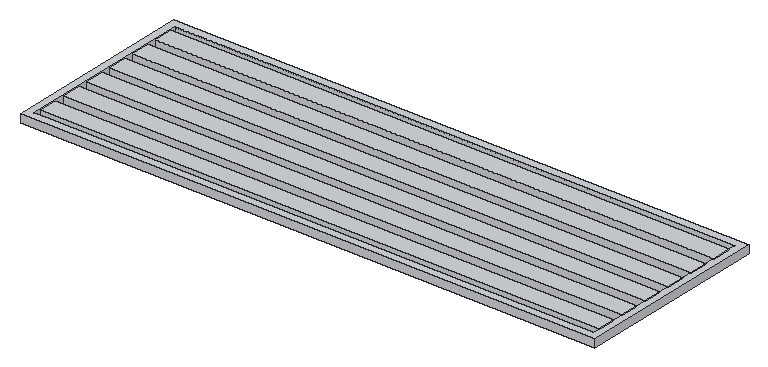
Revit family "雨水口", category 常规模型, Revit 2018
Family settings
  可将钢筋附着到主体 = 否
  圆形连接件大小 = 使用直径
  零件类型 = 标准
  加载时剪切的空心 = 否
  共享 = 否
  房间计算点 = 否
Parameters
  built-in parameter 1001306 [instance] = 1500 mm
  连接码 = 0
  起点埋深 = 0
  起点地面标高 = 0
  起始点号 = ""
  行X列 = ""
  终点埋深 = 0
  终点地面标高 = 0
  终止点号 = ""
  线型 = 0
  类型 = ""
  管线长度 = 0
  管径或断面尺寸 = ""
  电缆根数 = ""
  电压 = ""
  流向 = 0
  材质 = none
  权属单位 = ""
  新旧管线 = yes
  探测日期 = ""
  总孔数 = ""
  已用空孔 = ""
  宽度3 = 100 mm
  宽度2 = 50 mm
  宽度 = 20 mm
  宽 [instance] = 500 mm
  套管尺寸（孔径） = ""
  备注 = ""
  埋设类型 = ""
  埋设日期 = ""
Reference planes
  plane 1 "中心(前/后)": y = 0
  plane 2: z = 0
  plane 3 "左": x = 0
  plane 4 "右": x = 1500
  plane 5: y = 250
  plane 6: y = -250
Forms (mm)
  Extrusion 1, solid
    sketch origin (0, 0, 0) x (1, 0, 0) y (0, 1, 0)
      loop
        line (0, 250) -> (0, -250) -> (1500, -250) -> (1500, 250) -> (0, 250)
      loop
        line (20, 230) -> (20, -230) -> (1480, -230) -> (1480, 230) -> (20, 230)
    from 0 to 20
  Extrusion 2, solid
    sketch origin (0, 292.5, 0) x (1, 0, 0) y (0, 1, 0)
      loop
        line (20, -130) -> (1480, -130) -> (1480, -80) -> (20, -80) -> (20, -130)
    from 0 to 20
  Extrusion 3, solid
    sketch origin (0, 217.5, 0) x (1, 0, 0) y (0, 1, 0)
      loop
        line (20, -130) -> (1480, -130) -> (1480, -80) -> (20, -80) -> (20, -130)
    from 0 to 20
  Extrusion 4, solid
    sketch origin (0, 142.5, 0) x (1, 0, 0) y (0, 1, 0)
      loop
        line (20, -130) -> (1480, -130) -> (1480, -80) -> (20, -80) -> (20, -130)
    from 0 to 20
  Extrusion 5, solid
    sketch origin (0, -292.5, 0) x (1, 0, 0) y (0, 1, 0)
      loop
        line (20, 130) -> (20, 80) -> (1480, 80) -> (1480, 130) -> (20, 130)
    from 0 to 20
  Extrusion 6, solid
    sketch origin (0, -217.5, 0) x (1, 0, 0) y (0, 1, 0)
      loop
        line (20, 130) -> (20, 80) -> (1480, 80) -> (1480, 130) -> (20, 130)
    from 0 to 20
  Extrusion 7, solid
    sketch origin (0, -142.5, 0) x (1, 0, 0) y (0, 1, 0)
      loop
        line (20, 130) -> (20, 80) -> (1480, 80) -> (1480, 130) -> (20, 130)
    from 0 to 20
Lines and regions (mm)
  reference lines
    curve 1: line (0, 0, 0) -> (1500, 0, 0)
Dimensions and locks
  "built-in parameter 1001306": plane 3 "左" to plane 4 "右"
  equal spacing: plane 5, plane 1 "中心(前/后)", plane 6
  "宽": plane 5 to plane 6
  "宽度": Extrusion 1 sketch curve to Extrusion 1 sketch curve  (x4)
  aligned and locked: plane 4 "右" to curve 1
  aligned and locked: plane 1 "中心(前/后)" to curve 1
  aligned and locked: plane 3 "左" to curve 1
  aligned and locked: level to plane 2
  aligned and locked: Extrusion 1 sketch curve to plane 5
  aligned and locked: plane 3 "左" to Extrusion 1 sketch curve
  aligned and locked: Extrusion 1 sketch curve to plane 6
  aligned and locked: Extrusion 1 sketch curve to plane 4 "右"
  aligned and locked: Extrusion 1 to plane 5
Automatic sketch dimensions
  Extrusion 2 sketch curve to plane 3 "左" = 20 mm
  plane 4 "右" to Extrusion 2 sketch curve = 20 mm
  plane 5 to Extrusion 2 sketch curve = 37.5 mm
  Extrusion 2 sketch curve to Extrusion 2 sketch curve = 50 mm
  Extrusion 3 sketch curve to plane 3 "左" = 20 mm
  plane 4 "右" to Extrusion 3 sketch curve = 20 mm
  plane 5 to Extrusion 3 sketch curve = 112.5 mm
  Extrusion 3 sketch curve to Extrusion 3 sketch curve = 50 mm
  Extrusion 4 sketch curve to plane 3 "左" = 20 mm
  plane 4 "右" to Extrusion 4 sketch curve = 20 mm
  plane 1 "中心(前/后)" to Extrusion 4 sketch curve = 62.5 mm
  plane 1 "中心(前/后)" to Extrusion 4 sketch curve = 12.5 mm
  plane 3 "左" to Extrusion 5 sketch curve = 20 mm
  Extrusion 5 sketch curve to plane 4 "右" = 20 mm
  plane 6 to Extrusion 5 sketch curve = 37.5 mm
  Extrusion 5 sketch curve to Extrusion 5 sketch curve = 50 mm
  plane 3 "左" to Extrusion 6 sketch curve = 20 mm
  Extrusion 6 sketch curve to plane 4 "右" = 20 mm
  plane 6 to Extrusion 6 sketch curve = 112.5 mm
  Extrusion 6 sketch curve to Extrusion 6 sketch curve = 50 mm
  plane 3 "左" to Extrusion 7 sketch curve = 20 mm
  Extrusion 7 sketch curve to plane 4 "右" = 20 mm
  plane 1 "中心(前/后)" to Extrusion 7 sketch curve = 62.5 mm
  plane 1 "中心(前/后)" to Extrusion 7 sketch curve = 12.5 mm
